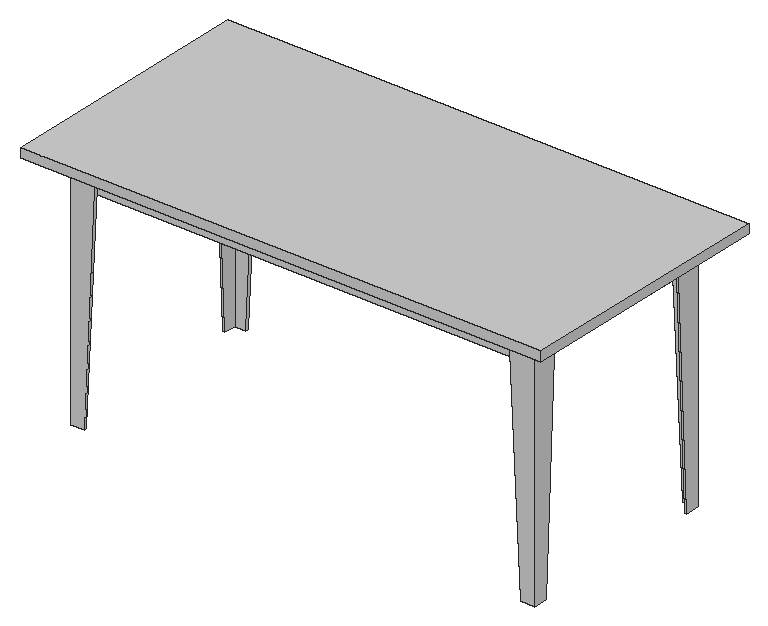
Revit family "AT21", category Specialty Equipment, Revit 2012
Parameters (values of type "Apparel Service Bottom Table (Default)")
  URL = "http://madixinc.com/display/freestanding.html"
  Model = "Apparel Service Bottom Table"
  Manufacturer = "© 2012 Madix, Inc. All rights reserved."
Reference planes (in)
  plane 1 "Center (Front/Back)": y = 0
  plane 2: z = 0
  plane 3 "Center (Left/Right)": x = 0
  plane 4: y = 14
  plane 5: y = -14
  plane 6: x = -28
  plane 7: x = 28
  plane 8: x = -25
  plane 9: x = 25
  plane 10: y = 11
  plane 11: y = -11
  plane 12: x = -24.75
  plane 13: x = 24.75
  plane 14: y = 10.75
  plane 15: y = -10.75
  plane 16: z = 27
  plane 17: z = 26
  plane 18: z = 23
Forms (in)
  Extrusion 1, solid, material "Metal - Steel"
    sketch origin (0, 0, 0) x (1, 0, 0) y (0, 1, 0)
      loop
        line (-28, 14) -> (-28, -14) -> (28, -14) -> (28, 14) -> (-28, 14)
    from 26 to 27
  Extrusion 2, solid, material "Metal - Steel"
    sketch origin (0, 0, 0) x (1, 0, 0) y (0, 1, 0)
      loop
        line (-24.75, 10.75) -> (-24.75, -10.75) -> (24.75, -10.75) -> (24.75, 10.75) -> (-24.75, 10.75)
      loop
        line (24.5, -10.5) -> (24.5, 10.5) -> (-24.5, 10.5) -> (-24.5, -10.5) -> (24.5, -10.5)
    from 23 to 26
  Blend 3, solid, material "Metal - Steel"
    base sketch origin (0, 0, 0) x (1, 0, 0) y (0, 1, 0)
      loop
        line (-24.75, 10.75) -> (-22.25, 10.75) -> (-22.25, 11) -> (-25, 11) -> (-25, 8.25) -> (-24.75, 8.25) -> (-24.75, 10.75)
    top sketch origin (0, 0, 0) x (1, 0, 0) y (0, 1, 0)
      loop
        line (-24.75, 10.75) -> (-23.5, 10.75) -> (-23.5, 11) -> (-25, 11) -> (-25, 9.5) -> (-24.75, 9.5) -> (-24.75, 10.75)
    from 26 to 0
  Blend 4, solid, material "Metal - Steel"
    base sketch origin (0, 0, 0) x (-1, 0, 0) y (0, -1, 0)
      loop
        line (-24.75, -10.75) -> (-24.75, -8.25) -> (-25, -8.25) -> (-25, -11) -> (-22.25, -11) -> (-22.25, -10.75) -> (-24.75, -10.75)
    top sketch origin (0, 0, 0) x (-1, 0, 0) y (0, -1, 0)
      loop
        line (-24.75, -10.75) -> (-24.75, -9.5) -> (-25, -9.5) -> (-25, -11) -> (-23.5, -11) -> (-23.5, -10.75) -> (-24.75, -10.75)
    from 26 to 0
  Blend 5, solid, material "Metal - Steel"
    base sketch origin (0, 0, 0) x (-1, 0, 0) y (0, -1, 0)
      loop
        line (-24.75, 10.75) -> (-22.25, 10.75) -> (-22.25, 11) -> (-25, 11) -> (-25, 8.25) -> (-24.75, 8.25) -> (-24.75, 10.75)
    top sketch origin (0, 0, 0) x (-1, 0, 0) y (0, -1, 0)
      loop
        line (-24.75, 10.75) -> (-23.5, 10.75) -> (-23.5, 11) -> (-25, 11) -> (-25, 9.5) -> (-24.75, 9.5) -> (-24.75, 10.75)
    from 26 to 0
  Blend 6, solid, material "Metal - Steel"
    base sketch origin (0, 0, 0) x (1, 0, 0) y (0, 1, 0)
      loop
        line (-24.75, -10.75) -> (-24.75, -8.25) -> (-25, -8.25) -> (-25, -11) -> (-22.25, -11) -> (-22.25, -10.75) -> (-24.75, -10.75)
    top sketch origin (0, 0, 0) x (1, 0, 0) y (0, 1, 0)
      loop
        line (-24.75, -10.75) -> (-24.75, -9.5) -> (-25, -9.5) -> (-25, -11) -> (-23.5, -11) -> (-23.5, -10.75) -> (-24.75, -10.75)
    from 26 to 0
Dimensions and locks (in)
  aligned and locked: level to plane 2
